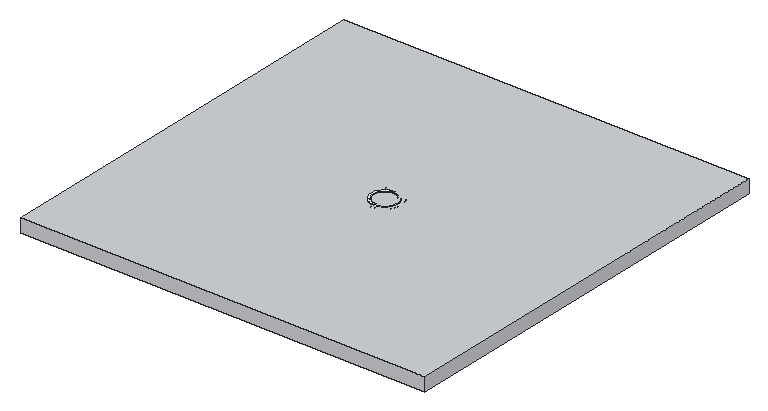
Revit family
Parameters (values of type "2"")
  WFU = 0
  URL = "WWW.MIFAB.COM"
  Strainer Diameter = 8.000"
  Strainer Adjustment [instance] = 1.500"
  Pipe Radius = Pipe Diameter / 2  # 1.000"
  Pipe Diameter = 2.000"
  Model = "F1100-C-FT"
  Manufacturer = "MIFAB"
  Floor Drain Material = Paint - Sherwin Williams Paint - #952C2A - Bellwood Red
  Domestic Cold Water Radius = 0.250"
  Domestic Cold Water Diameter = Domestic Cold Water Radius * 2  # 0.500"
  Description = "FLOOR DRAIN WITH RECESSED TILE FLANGE"
  Default Elevation = 0.000"
  CWFU = 0
  Body Height = 3.375"
  Assembly Code = ""
Types (6): name | Pipe Radius | Pipe Diameter
  (no name) | 1.000" | 2.000"
  2" | 1.000" | 2.000"
  3" | 1.500" | 3.000"
  4" | 2.000" | 4.000"
  5" | 2.500" | 5.000"
  6" | 3.000" | 6.000"
Reference planes (in)
  plane 1 "Center (Front/Back)": y = 0
  plane 2: z = 0
  plane 3 "Center (Left/Right)": x = 0
  plane 4: z = -4.875
  plane 5: z = -1.5
  plane 6: z = 0
  plane 7: y = -4
  plane 8: y = 4
  plane 9: y = 4
  plane 10: y = -4
  plane 11: y = -1
  plane 12: y = 1
  plane 13: z = -0.125
  plane 14: y = -4.075
  plane 15: y = 4.075
  plane 16: z = -1.5
  plane 17: z = -4.875
  plane 18: z = -1.94702
  plane 19: y = 4
  plane 20: y = -4
Forms (in)
  Extrusion 1, solid
    sketch origin (0, 0, 0) x (1, 0, 0) y (0, 1, 0)
      loop
        line (-48, 48) -> (-48, -48) -> (48, -48) -> (48, 48) -> (-48, 48)
    from 0 to -3.22361
  Revolve 2, solid, material "Paint - Sherwin Williams Paint - #952C2A - Bellwood Red" <- "Floor Drain Material"
    sketch origin (0, 0.04396, 0) x (0, 1, 0) y (0, 0, 1)
      loop
        line (-3.47522, -1.5) -> (-4.04396, -1.5) -> (-4.04396, -1.76052) -> (-3.92821, -1.76052) -> (-3.79018, -2.74267) -> (-3.67249, -2.75504) -> (-3.67249, -3.22361) -> (-1.29396, -3.38999) -> (-1.29396, -4.875) -> (-1.04396, -4.875) -> (-1.04396, -3.31062) -> (-3.47522, -3.13222) -> (-3.47522, -1.5)
      axis (-0.04396, -1.5) -> (-0.04396, -4.875)
    angle from 0 to 360
  Revolve 3, solid, material "Paint - Sherwin Williams Paint - #952C2A - Bellwood Red" <- "Floor Drain Material"
    sketch origin (0, 0, 0) x (0, 1, 0) y (0, 0, 1)
      loop
        line (-4, -1.5) -> (-2.6625, -1.5) -> (-2.6625, -1.25) -> (-2.74848, -1.25) -> (-2.74848, -1.40625) -> (-4, -1.40625) -> (-4, -1.5)
      axis (0, -1.25) -> (0, -1.5)
    angle from 0 to 360
  Revolve 4, solid, material "Paint - Sherwin Williams Paint - #952C2A - Bellwood Red" <- "Floor Drain Material"
    sketch origin (0, 0.15, 0) x (0, 1, 0) y (0, 0, 1)
      loop
        line (-2.75, -1.94702) -> (-2.75, -0.125) -> (-0.15, -0.125) -> (-0.15, -0.05) -> (-2.75, -0.05) -> (-2.75, 0) -> (-3.29452, 0) -> (-3.29452, -0.125) -> (-4.15, -0.125) -> (-4.15, -0.25) -> (-3.3375, -0.25) -> (-3.3375, -0.64577) -> (-2.89848, -0.76766) -> (-2.89848, -1.25) -> (-4.15, -1.25) -> (-4.15, -1.40625) -> (-2.89848, -1.40625) -> (-2.89848, -1.94702) -> (-2.75, -1.94702)
      axis (-0.15, 0) -> (-0.15, -1.94702)
    angle from 0 to 360
  Revolve 5, solid, material "Paint - Sherwin Williams Paint - #952C2A - Bellwood Red" <- "Floor Drain Material"
    sketch origin (0, 0, 0) x (1, 0, 0) y (0, 0, 1)
      loop
        line (-4.4739, -2.25159) -> (-2.8927, -2.25159) -> (-2.8927, -1.9078) -> (-3.81457, -1.9078) -> (-3.90837, -2.00159) -> (-4.4739, -2.00159) -> (-4.4739, -2.25159)
      axis (-2.8927, -2.25159) -> (-4.4739, -2.25159)
    angle from 0 to 360
Cuts and joins
  joined: Revolve 2, Revolve 5
Lines and regions (in)
  symbolic lines
    curve 1: circle (0, 0, 0) r 4.075 normal (0, 0, 1)
Dimensions and locks (in)
  "Body Height": plane 5 to plane 4
  "Strainer Adjustment": plane 6 to plane 5
  equal spacing: plane 8, plane 1 "Center (Front/Back)", plane 7
  "Strainer Diameter": plane 8 to plane 7
  equal spacing: plane 9, plane 1 "Center (Front/Back)", plane 10
  plane 9 to plane 10 = 8.000"
  equal spacing: Revolve 2, Revolve 5 sketch curve, Revolve 2
  equal spacing: plane 12, plane 1 "Center (Front/Back)", plane 11
  "Pipe Diameter": plane 12 to plane 11
  "Pipe Radius": plane 1 "Center (Front/Back)" to plane 11
  locked: plane 13 to Extrusion 1 at 0.125
  equal spacing: plane 15, plane 1 "Center (Front/Back)", plane 14
  locked: plane 15 to plane 14 at 8.15
  "Strainer Adjustment": level to plane 16
  "Body Height": plane 16 to plane 17
  locked: plane 11 to Revolve 2 sketch curve at 0.25
  locked: plane 18 to plane 17 at 2.92798
  Revolve 4 sketch curve to Revolve 4 sketch curve = 0.125"
  Extrusion 1 to Revolve 4 sketch curve to Revolve 4 sketch curve = 0.050", 0.075"
  equal spacing: plane 20, plane 1 "Center (Front/Back)", plane 19
  "Strainer Diameter": plane 20 to plane 19
  aligned and locked: plane 2 to Extrusion 1
  aligned and locked: level to Extrusion 1
  aligned and locked: plane 5 to Revolve 2 sketch curve
  aligned and locked: Revolve 4 sketch curve to plane 1 "Center (Front/Back)"
  aligned and locked: Revolve 2 to Revolve 3 sketch curve
  aligned and locked: plane 10 to Revolve 2 sketch curve
  aligned and locked: Extrusion 1 to plane 6
  aligned: Revolve 3 to Revolve 4  (x2)
  aligned and locked: plane 13 to Revolve 4 sketch curve
  aligned and locked: Revolve 2 sketch curve to plane 11
  aligned and locked: Revolve 4 sketch curve to plane 18
  aligned and locked: Extrusion 1 to Revolve 4 sketch curve
  aligned and locked: plane 1 "Center (Front/Back)" to Revolve 4 sketch curve
  aligned and locked: Revolve 4 sketch curve to plane 10
Automatic sketch dimensions
  Extrusion 1 sketch curve to Extrusion 1 sketch curve = 96.000"  (x2)
  Revolve 3 sketch curve to plane 1 "Center (Front/Back)" = 0.000"
  Revolve 3 sketch curve to level = 0.000"
  Revolve 3 sketch curve to Revolve 3 sketch curve = 2.08323"
  Revolve 3 sketch curve to Revolve 3 sketch curve = 0.09375"
  Revolve 3 sketch curve to Revolve 3 sketch curve = 0.08598"
  Revolve 5 sketch curve to plane 3 "Center (Left/Right)" = 4.4739"
  Revolve 5 sketch curve to Revolve 5 sketch curve = 0.56553"
  Revolve 5 sketch curve to Revolve 5 sketch curve = 0.09379"
  Revolve 5 sketch curve to Revolve 5 sketch curve = 0.22507"
  Revolve 5 sketch curve to Revolve 5 sketch curve = 0.7906"
  Revolve 5 sketch curve to Revolve 5 sketch curve = 0.000"  (x2)
  Revolve 5 sketch curve to Revolve 5 sketch curve = 0.250"
  Revolve 5 sketch curve to Revolve 5 sketch curve = 0.34379"
  Revolve 3 sketch curve to plane 7 = 1.25152"
  Revolve 2 sketch curve to plane 4 = 0.000"  (x2)
  Revolve 2 sketch curve to plane 1 "Center (Front/Back)" = 0.000"
  Revolve 2 sketch curve to plane 7 = 0.11575"
  Revolve 2 sketch curve to plane 7 = 0.25378"
  Revolve 2 sketch curve to plane 7 = 0.37147"
  Revolve 2 sketch curve to Revolve 2 sketch curve = 0.45299"
  Revolve 2 sketch curve to Revolve 2 sketch curve = 1.48501"
  Revolve 2 sketch curve to Revolve 2 sketch curve = 0.07937"
  plane 4 to Revolve 2 sketch curve = 1.65139"
  Revolve 2 sketch curve to Revolve 2 sketch curve = 0.09138"
  Revolve 2 sketch curve to Revolve 2 sketch curve = 0.37719"
  Revolve 2 sketch curve to Revolve 2 sketch curve = 0.01237"
  Revolve 2 sketch curve to plane 5 = 0.26052"
  Revolve 2 sketch curve to plane 5 = 0.250"
  plane 16 to Revolve 3 sketch curve = 0.000"
  Revolve 3 sketch curve to Revolve 3 sketch curve = 0.15625"
  Revolve 4 sketch curve to plane 7 = 0.000"
  Revolve 4 sketch curve to Revolve 4 sketch curve = 0.04298"
  Revolve 4 sketch curve to Revolve 4 sketch curve = 0.14848"
  plane 16 to Revolve 4 sketch curve = 0.09375"
  plane 16 to Revolve 4 sketch curve = 0.2446"
  Revolve 4 sketch curve to Revolve 4 sketch curve = 0.15625"
  Revolve 4 sketch curve to Revolve 4 sketch curve = 0.48234"
  Revolve 4 sketch curve to Revolve 4 sketch curve = 0.39577"
  level to Revolve 4 sketch curve = 1.19115"
  Revolve 4 sketch curve to plane 7 = 0.8125"
  Revolve 4 sketch curve to Revolve 4 sketch curve = 0.43902"
  Revolve 4 sketch curve to Revolve 4 sketch curve = 0.000"  (x2)
  plane 1 "Center (Front/Back)" to curve 1 = 0.000"
  curve 1 to plane 3 "Center (Left/Right)" = 0.000"
  radius of curve 1 = 4.075"
Connectors (in)
  piping at (-4.4739, 0, -2.25159), driven by "CWFU", driven by "Domestic Cold Water Radius"
    settings: on Revolve 5, index 1, connector radius 1/4", flow factor 0, pipe flow 0 GPM, pressure drop 0.00 psi, fitting loss kfactor 0, connector angle 0.00°, fixture units 0, flow configuration 3, flow direction 1, fitting loss method 0, system type 20, connector reference index -1, connector utility 0, adjustable connector yes, is connector primary yes, fitting loss table "", connector description "Domestic Cold Water In"
  piping at (0, 0, -4.875), driven by "Pipe Radius", driven by "WFU"
    settings: on Revolve 2, index 2, connector radius 1", flow factor 0, pipe flow 0 GPM, pressure drop 0.00 psi, fitting loss kfactor 0, connector angle 0.00°, fixture units 0, flow configuration 3, flow direction 2, fitting loss method 0, system type 16, connector reference index -1, connector utility 0, adjustable connector yes, is connector primary no, fitting loss table "", connector description "Sanitary Out"
